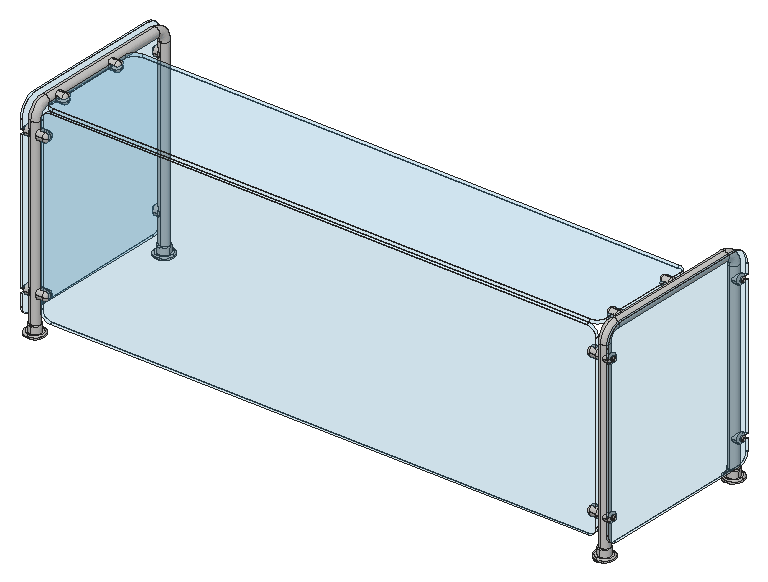
Revit family "QF_ENGLISH_M-101A", category Casework, Revit 2018
Family settings
  Work Plane-Based = No
  Always vertical = Yes
  Cut with Voids When Loaded = No
  Shared = No
  Room Calculation Point = No
Parameters
  Weight in Pounds = 0
  URL Cutsheet = ""
  Type Mark [instance] = ""
  Status [instance] = ""
  Specification by User [instance] = ""
  Specification by Manufacturer = ""
  Show Right Glass [instance] = yes
  Show Right Half Support [instance] = no
  Show Left Half Support [instance] = no
  Show Left Glass [instance] = yes
  Serial Number = ""
  Seismic Rating = ""
  SMACNA No = ""
  Right Glass Symbolic [instance] = if(Show Right Glass, not(Show Right Half Support), Show Right Glass)  # yes
  Right Glass [instance] = if(Show Right Glass, not(Show Right Half Support), Show Right Glass)  # yes
  Revision Code [instance] = ""
  R Symbolic [instance] = and(not(Show Right Glass), not(Show Right Half Support))  # no
  Omniclass Number and Title = ""
  NAFEM Spec ID Number = ""
  Model = "M-101A"
  Masterspec = ""
  Manufacturer = "ENGLISH MFG. INC."
  RS Symbolic [instance] = not(Show Right Half Support)  # yes
  Length [instance] = 60"
  Left Glass [instance] = if(Show Left Glass, not(Show Left Half Support), Show Left Glass)  # yes
  LS Symbolic [instance] = not(Show Left Half Support)  # yes
  L Symbolic [instance] = and(not(Show Left Glass), not(Show Left Half Support))  # no
  Item Number [instance] = ""
  Installed By [instance] = ""
  Identify Quantity as Lot [instance] = yes
  Glass Thickness [instance] = 3/8"  # constant formula
  Glass Material [instance] = Glass
  Furnished By [instance] = ""
  Foodservice Equipment Identifier [instance] = yes
  Description = "MATRIX SERIES"
  Depth [instance] = 17"
  CSI MasterFormat = ""
  CSI Master Format = ""
  Assembly Code = ""
  Angle [instance] = 0.00°
  A [instance] = if(Angle > 90.00°, 0.00°, Angle)  # 0.00°
Reference planes (in)
  plane 1 "BACK": y = 0
  plane 2: z = 0
  plane 3 "LEFT": x = 0
  plane 4 "RIGHT": x = 60
  plane 5 "FRONT": y = -17
  plane 6 "TOP": z = 22
  plane 7 "Center Y": x = 30
  plane 8 "Center X": y = -8.5
  plane 9: y = -15.51794
Forms (in)
  Extrusion 1, solid, material "Glass" <- "Glass Material"
    sketch origin (48.20702, -16.8125, 13.80268) x (0, 0, -1) y (1, 0, 0)
      loop
        arc (-7.57227, -46.47275) -> (-7.27941, -47.17978) -> (-6.57237, -47.47265) r 0.9999
        line (-6.57237, -47.47265) -> (11.30268, -47.47265)
        arc (11.30268, -47.47265) -> (12.01335, -47.1762) -> (12.30268, -46.46261) r 1.00005
        line (12.30268, -46.46261) -> (12.30268, 10.04781)
        arc (12.30268, 10.04781) -> (12.01335, 10.7614) -> (11.30268, 11.05785) r 1.00005
        line (11.30268, 11.05785) -> (-6.57237, 11.05785)
        arc (-6.57237, 11.05785) -> (-7.27941, 10.76498) -> (-7.57227, 10.05795) r 0.9999
        line (-7.57227, 10.05795) -> (-7.57227, -46.47275)
    from 0 to 0.375 <- "Glass Thickness"
  Extrusion 2, solid, material "Glass" <- "Glass Material"
    sketch origin (0.6276, -17, 21.32813) x (1, 0, 0) y (0, 1, 0)
      loop
        line (57.64685, 12) -> (1.09794, 12)
        arc (1.09794, 12) -> (0.39084, 11.70711) -> (0.09794, 11) r 1
        line (0.09794, 11) -> (0.09794, 1.24995)
        arc (0.09794, 1.24995) -> (0.39084, 0.54285) -> (1.09794, 0.24995) r 1
        line (1.09794, 0.24995) -> (57.64685, 0.24995)
        arc (57.64685, 0.24995) -> (58.35395, 0.54285) -> (58.64685, 1.24995) r 1
        line (58.64685, 1.24995) -> (58.64685, 11)
        arc (58.64685, 11) -> (58.35395, 11.70711) -> (57.64685, 12) r 1
    from 0 to 0.375 <- "Glass Thickness"
Lines and regions (in)
  symbolic lines, visible <- "Left Glass"
    curve 1: line (-0.24008, 0.5, 0) -> (-0.75, 0.5, 0)
    curve 2: line (-0.75, -0.5, 0) -> (-0.50001, -0.5, 0)
    curve 3: line (-0.75, 0.5, 0) -> (-0.75, -0.5, 0)
    curve 4: line (-0.24008, 0.43821, 0) -> (-0.24008, 0.5, 0)
    curve 5: line (-0.2405, -17.5, 0) -> (-0.2405, -17.43898, 0)
  symbolic lines, visible <- "RS Symbolic"
    curve 6: line (59.49992, -0.00041, 0) -> (59.49992, -5, 0)
    curve 7: line (60.50001, -5, 0) -> (60.50001, -0.00041, 0)
  symbolic lines, style "CaseworkHiddenLines"
    curve 8: line (58.27445, -5, 0) -> (1.72555, -5, 0)
    curve 9: arc (1.72555, -5, 0) -> (1.01844, -5.29289, 0) -> (0.72555, -6, 0) r 1
    curve 10: arc (59.27445, -6, 0) -> (58.98156, -5.29289, 0) -> (58.27445, -5, 0) r 1
    curve 11: line (1.72555, -16.75005, 0) -> (58.27445, -16.75005, 0)
    curve 12: arc (0.72555, -15.75005, 0) -> (1.01844, -16.45715, 0) -> (1.72555, -16.75005, 0) r 1
    curve 13: arc (58.27445, -16.75005, 0) -> (58.98156, -16.45715, 0) -> (59.27445, -15.75005, 0) r 1
    curve 14: line (59.27445, -15.75005, 0) -> (59.27445, -14.95688, 0)
    curve 15: line (0.72555, -6, 0) -> (0.72555, -8.57731, 0)
    curve 16: line (0.72555, -9.50005, 0) -> (0.72555, -14.04312, 0)
    curve 17: line (0.72555, -14.95688, 0) -> (0.72555, -15.75005, 0)
    curve 18: line (59.27445, -14.04312, 0) -> (59.27445, -9.49107, 0)
    curve 19: line (59.27445, -8.57731, 0) -> (59.27445, -6, 0)
Dimensions and locks (in)
  equal spacing: plane 3 "LEFT", plane 7 "Center Y", plane 4 "RIGHT"
  "Length": plane 3 "LEFT" to plane 4 "RIGHT"
  equal spacing: plane 5 "FRONT", plane 8 "Center X", plane 1 "BACK"
  "Depth": plane 5 "FRONT" to plane 1 "BACK"
  plane 6 "TOP" to level = 22"
  plane 3 "LEFT" to Extrusion 1 sketch curve to Extrusion 1 sketch curve to Extrusion 1 sketch curve = 47/64", 0.9999" locked, 0.00015" locked
  plane 4 "RIGHT" to Extrusion 1 sketch curve to Extrusion 1 sketch curve to Extrusion 1 sketch curve = 0.73513", 0.9999", 0.00015" locked
  plane 7 "Center Y" to plane 3 "LEFT" = 30"
  locked: plane 5 "FRONT" to plane 9 at 1.48206
  Extrusion 2 sketch curve to Extrusion 2 sketch curve to plane 3 "LEFT" = 0" locked, 1.72555" locked
  Extrusion 2 sketch curve to Extrusion 2 sketch curve to plane 4 "RIGHT" = 0" locked, 1.72555" locked
  aligned and locked: level to plane 2
  aligned: plane 1 "BACK" to nested 1  (x5)
  aligned: plane 8 "Center X" to nested 1  (x2)
  aligned: plane 5 "FRONT" to nested 1  (x2)
  aligned and locked: nested 2 to plane 4 "RIGHT"
  aligned and locked: nested 2 to plane 1 "BACK"
  aligned and locked: curve 9 to Extrusion 2
  aligned and locked: curve 10 to Extrusion 2
  aligned and locked: curve 12 to Extrusion 2
  aligned and locked: curve 13 to Extrusion 2
  aligned and locked: nested 2 to nested 1
  aligned and locked: nested 2 to plane 5 "FRONT"
Automatic sketch dimensions
  nested 1 to Extrusion 2 sketch curve = 0.09794"
  Extrusion 2 sketch curve to Extrusion 2 sketch curve = 1"
  Extrusion 2 sketch curve to nested 1 = 1.78051"
  Extrusion 2 sketch curve to nested 1 = 8.03047"
  nested 1 to Extrusion 1 sketch curve = 16.91144"
  nested 1 to Extrusion 1 sketch curve = 1.03649"  (x2)
  Extrusion 1 sketch curve to Extrusion 1 sketch curve = 1"
  curve 4 to plane 3 "LEFT" = 0.24008"
  curve 3 to plane 3 "LEFT" = 3/4"
  plane 1 "BACK" to curve 2 = 1/2"
  curve 4 to plane 1 "BACK" = 1/2"
  curve 5 to plane 3 "LEFT" = 0.2405"
  curve 2 to curve 2 = 1/4"
  plane 3 "LEFT" to curve 16 = 0.72555"
  plane 4 "RIGHT" to curve 18 = 0.72555"
  plane 4 "RIGHT" to curve 6 = 0.50008"
  plane 1 "BACK" to curve 7 = 0.00041"
  curve 7 to plane 4 "RIGHT" = 1/2"
  plane 5 "FRONT" to curve 5 = 0.43898"
  curve 5 to curve 5 = 0.06102"
  plane 9 to curve 14 = 0.56106"
  plane 9 to curve 17 = 0.56106"
  curve 17 to curve 16 = 0.91376"
  curve 14 to curve 18 = 0.91376"
  curve 16 to plane 8 "Center X" = 1.00005"
  curve 18 to plane 8 "Center X" = 0.99107"
  curve 19 to plane 8 "Center X" = 0.07731"
  curve 15 to plane 8 "Center X" = 0.07731"
  curve 10 to curve 7 = 1"
  curve 6 to curve 7 = 0"
  plane 1 "BACK" to curve 6 = 0.00041"
  curve 4 to curve 1 = 0.06179"
Nested families (in)
  nested 1: "M-101A_SUPPORT" at (0, 0, 0), Show Side Glass <- "Left Glass", Rear Support <- "LS Symbolic", Middle Support <- "Show Left Half Support", type "M-101A_SUPPORT"
    with Void 3/8", Show Side Glass yes, Show Self Service no, Show Full Service yes, Rear Void 1", Rear Support yes, Middle Support no, Glass Thickness 3/8", Glass Material Glass, Depth 17"
  nested 2: "M-101A_SUPPORT" at (60, 0, 0) x (-1, 0, 0) z (0, 0, 1), Show Side Glass <- "Right Glass", Middle Support <- "Show Right Half Support", Rear Support <- "RS Symbolic", type "M-101A_SUPPORT"
    with Void 3/8", Show Side Glass yes, Show Self Service no, Show Full Service yes, Rear Void 1", Rear Support yes, Middle Support no, Glass Thickness 3/8", Glass Material Glass, Depth 17"
Definition of nested family "M-101A_SUPPORT"
  Parameters (values of type "M-101A_SUPPORT")
    Void [instance] = if(Show Self Service, -3/8", 3/8")  # 3/8"
    Show Self Service [instance] = no
    Show Side Glass [instance] = yes
    Show Full Service [instance] = not(Show Self Service)  # yes
    Rear Void [instance] = if(Middle Support, 4", 1")  # 1"
    Rear Support [instance] = yes
    Model = ""
    Middle Support [instance] = no
    Manufacturer = ""
    Glass Thickness [instance] = 3/8"
    Glass Material [instance] = none
    Description = ""
    Depth [instance] = 17"
    Assembly Code = ""
  Reference planes (in)
    plane 1 "BACK": y = 0
    plane 2: z = 0
    plane 3 "LEFT": x = 0
    plane 4 "RIGHT": x = 0
    plane 5 "FRONT": y = -17
    plane 6 "TOP": z = 22
    plane 7 "Center Y": x = 0
    plane 8 "Center X": y = -8.5
    plane 9: y = -14.5
    plane 10: y = -7.53419
    plane 11: y = 1
    plane 12: y = -5
    plane 13: x = -2
  Forms (in)
    Revolve 1, solid, visible <- "Rear Support"
      sketch origin (0, 0, 0) x (-1, 0, 0) y (0, 0, -1)
        loop
          line (0, 0) -> (-1, 0) -> (-1, -0.125)
          arc (-1, -0.125) -> (-0.96328, -0.21339) -> (-0.87489, -0.25) r 0.125
          line (-0.87489, -0.25) -> (-0.5975, -0.25) -> (-0.5975, -0.9375)
          arc (-0.5975, -0.9375) -> (-0.57913, -0.98169) -> (-0.53494, -1) r 0.0625
          line (-0.53494, -1) -> (0, -1) -> (0, 0)
        axis (0, -1) -> (0, 0)
      angle from 0 to 360
    Revolve 2, solid
      sketch origin (0, 0, 0) x (0, -1, 0) y (0, 0, -1)
        loop
          line (17, 0) -> (16, 0) -> (16, -0.125)
          arc (16, -0.125) -> (16.03672, -0.21339) -> (16.12511, -0.25) r 0.125
          line (16.12511, -0.25) -> (16.4025, -0.25) -> (16.4025, -0.9375)
          arc (16.4025, -0.9375) -> (16.42087, -0.98169) -> (16.46506, -1) r 0.0625
          line (16.46506, -1) -> (17, -1) -> (17, 0)
        axis (17, -1) -> (17, 0)
      angle from 0 to 360
    Extrusion 3, solid, material <- "Glass Material", visible <- "Show Side Glass"
      sketch origin (-0.75, 0, 0) x (0, 1, 0) y (0, 0, -1)
        loop
          arc (-16.6875, -1.5) -> (-17.39461, -1.79289) -> (-17.6875, -2.5) r 1
          line (-17.6875, -2.5) -> (-17.6875, -3.80935) -> (-17.00015, -3.80935)
          arc (-17.00015, -3.80935) -> (-16.81281, -3.99669) -> (-17.00015, -4.18404) r 0.18735
          line (-17.00015, -4.18404) -> (-17.6875, -4.18404) -> (-17.6875, -18.79964) -> (-17, -18.79964)
          arc (-17, -18.79964) -> (-16.8125, -18.98714) -> (-17, -19.17464) r 0.1875
          line (-17, -19.17464) -> (-17.6875, -19.17464) -> (-17.6875, -20.225)
          arc (-17.6875, -20.225) -> (-17.131, -21.5685) -> (-15.7875, -22.125) r 1.9
          line (-15.7875, -22.125) -> (-1.2125, -22.125)
          arc (-1.2125, -22.125) -> (0.131, -21.5685) -> (0.6875, -20.225) r 1.9
          line (0.6875, -20.225) -> (0.6875, -19.17464) -> (0, -19.17464)
          arc (0, -19.17464) -> (-0.1875, -18.98714) -> (0, -18.79964) r 0.1875
          line (0, -18.79964) -> (0.6875, -18.79964) -> (0.6875, -4.18404) -> (0.00015, -4.18404)
          arc (0.00015, -4.18404) -> (-0.18719, -3.99669) -> (0.00015, -3.80935) r 0.18735
          line (0.00015, -3.80935) -> (0.6875, -3.80935) -> (0.6875, -2.5)
          arc (0.6875, -2.5) -> (0.39461, -1.79289) -> (-0.3125, -1.5) r 1
          line (-0.3125, -1.5) -> (-16.6875, -1.5)
      from 0 to 0.25
    Sweep 4, solid
      path origin (0, 0, 0) x (0, 1, 0) y (0, 0, 1)
        loop
          line (0, 1) -> (0, 20.25)
          arc (0, 20.25) -> (-0.36612, 21.13389) -> (-1.25, 21.5) r 1.25
          line (-1.25, 21.5) -> (-15.75, 21.5)
          arc (-15.75, 21.5) -> (-16.63388, 21.13389) -> (-17, 20.25) r 1.25
          line (-17, 20.25) -> (-17, 1)
      profile origin (0, 0, 10.625) x (0, -1, 0) y (1, 0, 0)
        loop
          circle (0, 0) r 0.5
    Revolve 5, solid
      sketch origin (0, -7.53419, 22) x (0, 0, -1) y (1, 0, 0)
        loop
          line (0.5, 0.3291) -> (0.5, 1.47555) -> (0.27181, 1.47555)
          arc (0.27181, 1.47555) -> (0.07961, 1.39594) -> (0, 1.20374) r 0.27181
          line (0, 1.20374) -> (0, 0.47555) -> (0.14645, 0.3291) -> (0.5, 0.3291)
        axis (0.5, 0.3291) -> (0.5, 1.47555)
      angle from 0 to 360
    Revolve 6, solid
      sketch origin (0, -14.5, 21) x (0, 0, -1) y (1, 0, 0)
        loop
          line (-0.5, 0.3291) -> (-0.5, 1.47555) -> (-0.72819, 1.47555)
          arc (-0.72819, 1.47555) -> (-0.92039, 1.39594) -> (-1, 1.20374) r 0.27181
          line (-1, 1.20374) -> (-1, 0.47555) -> (-0.85355, 0.3291) -> (-0.5, 0.3291)
        axis (-0.5, 0.3291) -> (-0.5, 1.47555)
      angle from 0 to 360
    Extrusion 7, void
      sketch origin (0, -7.53419, 22) x (0, 0, -1) y (1, 0, 0)
        loop
          line (0.29687, 0.6276) -> (0.67187, 0.6276) -> (0.67187, 1.70245) -> (0.29687, 1.70245) -> (0.29687, 0.6276)
      from -2.53419 to 9.46581
    Extrusion 8, void
      sketch origin (-2, -180, 22) x (0, 0, 1) y (0, -1, 0)
        loop
          line (0, -175) -> (-22, -175) -> (-22, -181) -> (0, -181) -> (0, -175)
      from 0 to 1 <- "Rear Void"
  Cuts and joins
    Extrusion 7 cuts Revolve 5
    Extrusion 7 cuts Revolve 6
    Extrusion 8 cuts Sweep 4
  Dimensions and locks (in)
    plane 3 "LEFT" to plane 4 "RIGHT" to plane 7 "Center Y" = 0", 0"
    plane 3 "LEFT" to plane 4 "RIGHT" = 0"
    equal spacing: plane 5 "FRONT", plane 8 "Center X", plane 1 "BACK"
    "Depth": plane 5 "FRONT" to plane 1 "BACK"
    plane 6 "TOP" to level = 22"
    locked: Sweep 4 sketch curve to plane 6 "TOP" at 0.5
    plane 5 "FRONT" to plane 9 to plane 10 to plane 12 = 2 1/2" locked, 6.96581" locked, 2.53419" locked
    locked: plane 6 "TOP" to Extrusion 7 sketch curve at 0.29688
    "Glass Thickness": Extrusion 7 sketch curve to Extrusion 7 sketch curve
    plane 1 "BACK" to plane 11 = 1"
    locked: plane 7 "Center Y" to plane 13 at 2
    aligned and locked: level to plane 2
    aligned and locked: Sweep 4 sketch curve to plane 5 "FRONT"
    aligned and locked: Sweep 4 sketch curve to plane 1 "BACK"
    aligned and locked: plane 5 "FRONT" to Extrusion 7
    aligned and locked: Extrusion 8 sketch curve to plane 12
    aligned and locked: Extrusion 8 sketch curve to plane 6 "TOP"
    aligned and locked: plane 11 to Extrusion 8 sketch curve
    aligned and locked: level to Extrusion 8 sketch curve
    aligned and locked: nested 3 to plane 5 "FRONT"
    aligned and locked: nested 1 to plane 5 "FRONT"
    aligned and locked: nested 4 to plane 5 "FRONT"
    aligned and locked: nested 2 to plane 5 "FRONT"
    aligned and locked: nested 6 to plane 1 "BACK"
    aligned and locked: nested 5 to plane 1 "BACK"
  Automatic sketch dimensions
    Revolve 1 sketch curve to level = 0"
    Revolve 1 sketch curve to plane 3 "LEFT" = 0"  (x2)
    plane 3 "LEFT" to Revolve 1 sketch curve = 0.53494"
    Revolve 1 sketch curve to Revolve 1 sketch curve = 1/16"
    Revolve 1 sketch curve to Revolve 1 sketch curve = 0.00006"
    Revolve 1 sketch curve to Revolve 1 sketch curve = 0.27739"
    Revolve 1 sketch curve to Revolve 1 sketch curve = 1/8"
    Revolve 1 sketch curve to Revolve 1 sketch curve = 0.00011"
    level to Revolve 1 sketch curve = 1/8"
    Revolve 1 sketch curve to Revolve 1 sketch curve = 0"  (x3)
    Revolve 1 sketch curve to Revolve 1 sketch curve = 11/16"
    Revolve 1 sketch curve to Revolve 1 sketch curve = 1/4"
    Revolve 2 sketch curve to level = 0"
    Revolve 2 sketch curve to plane 5 "FRONT" = 0"  (x2)
    Revolve 2 sketch curve to Revolve 2 sketch curve = 0.53494"
    Revolve 2 sketch curve to Revolve 2 sketch curve = 1/16"
    Revolve 2 sketch curve to Revolve 2 sketch curve = 0.00006"
    Revolve 2 sketch curve to Revolve 2 sketch curve = 0.27739"
    Revolve 2 sketch curve to Revolve 2 sketch curve = 1/8"
    Revolve 2 sketch curve to Revolve 2 sketch curve = 0.00011"
    level to Revolve 2 sketch curve = 1/8"
    Revolve 2 sketch curve to Revolve 2 sketch curve = 0"  (x3)
    Revolve 2 sketch curve to Revolve 2 sketch curve = 11/16"
    Revolve 2 sketch curve to Revolve 2 sketch curve = 1/4"
    plane 9 to Sweep 4 sketch curve = 1 1/4"
    plane 1 "BACK" to Sweep 4 sketch curve = 1 1/4"
    level to Sweep 4 sketch curve = 1"  (x2)
    Sweep 4 sketch curve to profile plane = 0"  (x2)
    Revolve 5 sketch curve to plane 6 "TOP" = 0"
    Revolve 5 sketch curve to plane 6 "TOP" = 0.14645"
    Revolve 5 sketch curve to plane 6 "TOP" = 0.27181"
    Revolve 5 sketch curve to Revolve 5 sketch curve = 0.35355"
    Revolve 5 sketch curve to Revolve 5 sketch curve = 0"
    plane 3 "LEFT" to Revolve 5 sketch curve = 0.3291"
    Revolve 5 sketch curve to Revolve 5 sketch curve = 0.14645"
    Revolve 5 sketch curve to Revolve 5 sketch curve = 0.31238"
    Revolve 5 sketch curve to Revolve 5 sketch curve = 0.56225"
    Revolve 5 sketch curve to Revolve 5 sketch curve = 0.2599"
    Revolve 6 sketch curve to plane 6 "TOP" = 0"
    Revolve 6 sketch curve to plane 6 "TOP" = 0.14645"
    Revolve 6 sketch curve to plane 6 "TOP" = 0.27181"
    Revolve 6 sketch curve to Revolve 6 sketch curve = 0.35355"
    Revolve 6 sketch curve to Revolve 6 sketch curve = 0"
    plane 3 "LEFT" to Revolve 6 sketch curve = 0.3291"
    Revolve 6 sketch curve to Revolve 6 sketch curve = 0.14645"
    Revolve 6 sketch curve to Revolve 6 sketch curve = 0.31238"
    Revolve 6 sketch curve to Revolve 6 sketch curve = 0.56225"
    Revolve 6 sketch curve to Revolve 6 sketch curve = 0.2599"
    plane 6 "TOP" to Extrusion 3 sketch curve = 1/8"
    plane 5 "FRONT" to Extrusion 3 sketch curve = 11/16"
    Extrusion 3 sketch curve to Extrusion 3 sketch curve = 0"  (x2)
    plane 5 "FRONT" to Extrusion 3 sketch curve = 0.00015"
    plane 5 "FRONT" to Extrusion 3 sketch curve = 0"
    Extrusion 3 sketch curve to plane 5 "FRONT" = 5/16"
    Extrusion 3 sketch curve to plane 5 "FRONT" = 1.2125"
    plane 1 "BACK" to Extrusion 3 sketch curve = 1.2125"
    plane 1 "BACK" to Extrusion 3 sketch curve = 5/16"
    Extrusion 3 sketch curve to plane 1 "BACK" = 0"
    Extrusion 3 sketch curve to plane 1 "BACK" = 0.00015"
    plane 11 to Extrusion 3 sketch curve = 5/16"  (x3)
    Extrusion 3 sketch curve to Extrusion 3 sketch curve = 1.05036"  (x2)
    Extrusion 3 sketch curve to Extrusion 3 sketch curve = 3/16"  (x2)
    level to Extrusion 3 sketch curve = 4.18404"  (x2)
    Extrusion 3 sketch curve to Extrusion 3 sketch curve = 0.18735"  (x2)
    Extrusion 3 sketch curve to Extrusion 3 sketch curve = 1.30935"
    plane 3 "LEFT" to Extrusion 7 sketch curve = 0.6276"
    Extrusion 7 sketch curve to Extrusion 7 sketch curve = 1.07485"
    radius of Sweep 4 sketch curve = 1/2"
  Nested families (in)
    nested 1: "M-106" at (0.36327, -16.5, 4), type "M-106"
      with Type Mark "", Status "", Specification by User "", Revision Code "", Item Number "", Installed By "", Identify Quantity as Lot yes, H 13 1/4", Glass Thickness 3/8", Furnished By "", Foodservice Equipment Identifier yes, Angle 0.00°
    nested 2: "M-106" at (0.37504, -16.5, 19), type "M-106"
      with Type Mark "", Status "", Specification by User "", Revision Code "", Item Number "", Installed By "", Identify Quantity as Lot yes, H 13 1/4", Glass Thickness 3/8", Furnished By "", Foodservice Equipment Identifier yes, Angle 0.00°
    nested 3: "Glass Clip" at (0, -17, 4) x (-1, 0, 0) z (0, 0, 1), visible <- "Show Side Glass", type "Glass Clip"
    nested 4: "Glass Clip" at (0, -17, 19) x (-1, 0, 0) z (0, 0, 1), visible <- "Show Side Glass", type "Glass Clip"
    nested 5: "Glass Clip" at (0, 0, 4) x (-1, 0, 0) z (0, 0, 1), visible <- "Show Side Glass", type "Glass Clip"
    nested 6: "Glass Clip" at (0, 0, 19) x (-1, 0, 0) z (0, 0, 1), visible <- "Show Side Glass", type "Glass Clip"
  Definition of nested family "M-106"
    Parameters (values of type "M-106")
      Weight in Pounds = 0
      URL Cutsheet = ""
      Type Mark [instance] = ""
      Status [instance] = ""
      Specification by User [instance] = ""
      Specification by Manufacturer = ""
      Serial Number = ""
      Seismic Rating = ""
      SMACNA No = ""
      Revision Code [instance] = ""
      Omniclass Number and Title = ""
      NAFEM Spec ID Number = ""
      Masterspec = ""
      Item Number [instance] = ""
      Installed By [instance] = ""
      Identify Quantity as Lot [instance] = yes
      H [instance] = 13 1/4"
      Glass Thickness [instance] = 3/8"
      Furnished By [instance] = ""
      Foodservice Equipment Identifier [instance] = yes
      CSI MasterFormat = ""
      CSI Master Format = ""
      Assembly Code = ""
      Angle [instance] = 0.00°
    Reference planes (in)
      plane 1 "BACK": y = 0
      plane 2: z = 0
      plane 3 "LEFT": x = -0.01953
      plane 4 "RIGHT": x = 1.125
      plane 5 "FRONT": y = -1
      plane 6 "TOP": z = 16.5
      plane 7 "Center Y": x = 0.55273
      plane 8 "Center X": y = -0.5
      plane 9: y = 0
      plane 10: y = -1
      plane 11: x = -0.35356
    Forms (in)
      Extrusion 1, void
        sketch origin (0.55273, -0.5, 0) x (0, 0, 1) y (0, 1, 0)
          loop
            line (1.07736, -0.1875) -> (1.07736, 0.1875) -> (-16.60314, 0.1875) -> (-16.60314, -0.1875) -> (1.07736, -0.1875)
        from -0.57227 to 0.19336
      Revolve 2, solid
        sketch origin (0.55273, -0.5, 0) x (1, 0, 0) y (0, 1, 0)
          loop
            arc (0.27227, -0.5) -> (0.4844, -0.41213) -> (0.57227, -0.2) r 0.3
            line (0.57227, -0.2) -> (0.57227, 0) -> (-0.57227, 0) -> (-0.57227, -0.35547) -> (-0.42773, -0.5) -> (0.27227, -0.5)
          axis (-0.57227, 0) -> (0.57227, 0)
        angle from 0 to 360
    Cuts and joins
      Extrusion 1 cuts Revolve 2
    Lines and regions (in)
      reference lines
        curve 1: line (0.55273, -0.5, 0) -> (0.55273, -0.5, -15.46791)
    Dimensions and locks (in)
      equal spacing: plane 3 "LEFT", plane 7 "Center Y", plane 4 "RIGHT"
      plane 3 "LEFT" to plane 4 "RIGHT" = 1 37/256"  (x2)
      equal spacing: plane 5 "FRONT", plane 8 "Center X", plane 1 "BACK"
      plane 5 "FRONT" to plane 1 "BACK" = 1"
      "Glass Thickness": Extrusion 1 sketch curve to Extrusion 1 sketch curve
      locked: Extrusion 1 sketch curve to curve 1 at 1.13523
      locked: Extrusion 1 sketch curve to curve 1 at 1.07736
      "Angle": angle curve 1 to plane 8 "Center X"
      aligned and locked: level to plane 2
      aligned: Extrusion 1 to level
      aligned and locked: plane 2 to curve 1
    Automatic sketch dimensions
      Revolve 2 sketch curve to plane 3 "LEFT" = 0"  (x2)
      plane 5 "FRONT" to Revolve 2 sketch curve = 0"
      Revolve 2 sketch curve to plane 4 "RIGHT" = 0"
      Revolve 2 sketch curve to plane 5 "FRONT" = 37/256"
      Revolve 2 sketch curve to Revolve 2 sketch curve = 37/256"
      Revolve 2 sketch curve to plane 8 "Center X" = 0.2"
      plane 8 "Center X" to Revolve 2 sketch curve = 0"  (x2)
      Revolve 2 sketch curve to Revolve 2 sketch curve = 0.20247"
      Extrusion 1 sketch curve to curve 1 = 3/16"
      curve 1 to plane 8 "Center X" = 0"
  Definition of nested family "Glass Clip"
    Reference planes (in)
      plane 1 "Center X": y = 0
      plane 2: z = 0
      plane 3 "Center Y": x = 0
    Forms (in)
      Extrusion 1, solid
        sketch origin (0, 0, 0) x (0, 1, 0) y (0, 0, 1)
          loop
            circle (0, 0) r 0.5
        from 0.75 to 0.25
      Extrusion 2, solid
        sketch origin (0, 0, 0) x (0, 1, 0) y (0, 0, 1)
          loop
            circle (0, 0) r 0.1875
        from 1 to 0.75
      Revolve 3, solid
        sketch origin (0, 0, 0) x (1, 0, 0) y (0, 0, 1)
          loop
            line (1.09375, 0) -> (1.09375, -0.09375) -> (1.125, -0.09375)
            arc (1.125, -0.09375) -> (1.16919, -0.07544) -> (1.1875, -0.03125) r 0.0625
            line (1.1875, -0.03125) -> (1.1875, 0) -> (1.09375, 0)
          axis (1.09375, 0) -> (1.1875, 0)
        angle from 0 to 360
      Extrusion 4, solid
        sketch origin (0, 0, 0) x (0, 1, 0) y (0, 0, 1)
          loop
            circle (0, 0) r 0.25
        from 1 to 1.03125
      Extrusion 5, solid
        sketch origin (0, 0, 0) x (0, 1, 0) y (0, 0, 1)
          loop
            line (0, 0.10983) -> (-0.09512, 0.05492) -> (-0.09512, -0.05492) -> (0, -0.10983) -> (0.09512, -0.05492) -> (0.09512, 0.05492) -> (0, 0.10983)
        from 1.03125 to 1.09375
    Lines and regions (in)
      symbolic lines
        curve 1: line (0, 0.02729, 0) -> (0, -0.0422, 0)
    Dimensions and locks (in)
      aligned and locked: level to plane 2
